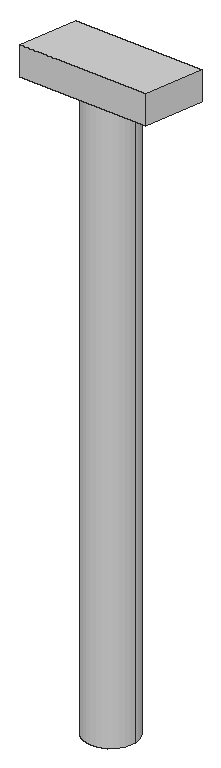
Revit family "PANEL BOLT_1861122", category Modelos genéricos, Revit 2018
Family settings
  Puede alojar armadura = No
  Cota de conector redondo = Diámetro de uso
  Tipo de pieza = Normal
  Número OmniClass = 35.51.14.00
  Título OmniClass = FORMWORK
  Se basa en plano de trabajo = Sí
  Siempre vertical = No
  Corte con vacíos al cargar = No
  Compartido = Sí
  Punto de cálculo de habitación = No
Parameters
  VERSION = "20170217"  # constant formula
  URL = "www.ulmaconstruction.com/en"
  UNICLASS = ""
  Fabricante = "ULMA CONSTRUCTION"  # constant formula
  ITEM_WEIGHT = 0.39 kg
  ITEM_CODE = "1861122"
  FILTER [instance] = ""
  Default Elevation = 0.000 mm
  CLASSIFICATION_TITLE = ""
  CLASSIFICATION_NUMBER = ""
Reference planes
  plane 1 "Centro (Frontal/Posterior)": y = 0
  plane 2: z = 0
  plane 3 "Centro (Izquierda/Derecha)": x = 0
Forms (mm)
  Extrusion 1, solid, material "ULMA ZINC", detail levels fine
    sketch origin (0, 0, 0) x (1, 0, 0) y (0, 1, 0)
      loop
        line (-19.973, 10) -> (-23.5, -10) -> (19.973, -10) -> (23.5, 10) -> (-19.973, 10)
    from 0 to 10
  Extrusion 2, solid, material "ULMA ZINC"
    sketch origin (0, 0, 0) x (1, 0, 0) y (0, 1, 0)
      loop
        circle (0, 0) r 8.5
    from 0 to -200
Dimensions and locks
  aligned and locked: level to plane 2
